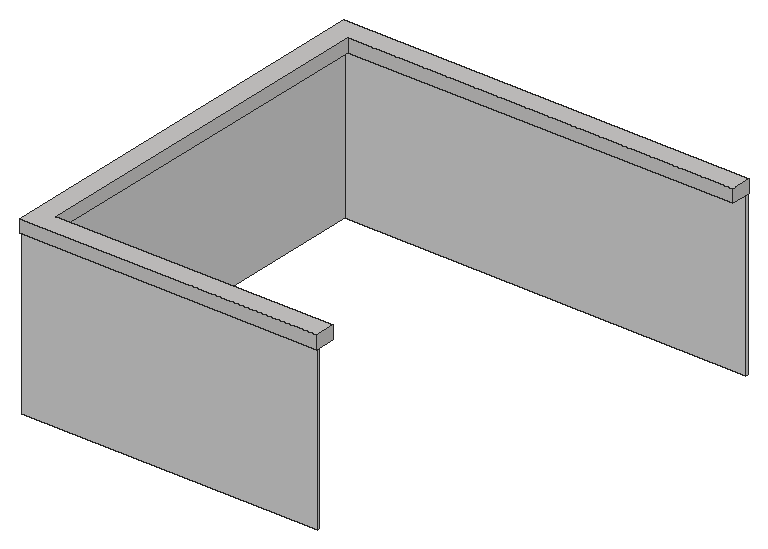
Revit family "Door-Systems_Accordion-Fire-Smoke-Curtain_3-sides", category Specialty Equipment, Revit 2026
Family settings
  Round Connector Dimension = Use Diameter
  Part Type = Normal
  Classification Number = 23.30.60.17
  Work Plane-Based = No
  Enable Cutting in Views = No
  Always vertical = Yes
  Cut with Voids When Loaded = No
  Maintain Annotation Orientation = No
  Shared = No
  Room Calculation Point = No
Parameters
  URL = "www.doorsysinc.com"
  Manufacturer Info [instance] = "https://www.arcat.com/arcatcos/cos50/arc50183.html"  # constant formula
  Manufacturer = "DSI Smoke and FIre Curtains"
  Description = "UL10D Fire Curtain"
  Default Elevation = 0' - 0"
  Curtain_Width [instance] = 30' - 0"
  Curtain_Length_Top_Leg [instance] = 30' - 0"
  Curtain_Length_Bottom_Leg [instance] = 22' - 0"
  Curtain_Height [instance] = 12' - 0"
Reference planes (in)
  plane 1 "Center (Front/Back)": y = 0
  plane 2: z = 0
  plane 3 "Center (Left/Right)": x = 0
  plane 4: z = 144
  plane 5: y = 360
  plane 6: x = 360
  plane 7: x = 264
Dimensions and locks (in)
  "Curtain_Height": plane 4 to level
  "Curtain_Length_Top_Leg": plane 3 "Center (Left/Right)" to plane 6
  "Curtain_Width": plane 1 "Center (Front/Back)" to plane 5
  nested 1 to plane 4 = 0' - 11 3/4"
  "Curtain_Length_Bottom_Leg": plane 3 "Center (Left/Right)" to plane 7
  aligned and locked: level to plane 2
  aligned and locked: nested 1 to plane 4
  aligned and locked: plane 5 to nested 1
  aligned and locked: nested 2 to plane 7
  aligned and locked: nested 2 to plane 6
  aligned and locked: nested 1 to plane 6
  aligned and locked: plane 7 to nested 1
Nested families (in)
  nested 1: "Head_System_3-sides" at (0, 0, 144), type "Head_System_3-sides"
    with Head_Width 30' - 0", Head_Length_Top_Leg 30' - 0", Head_Length_Bottom_Leg 22' - 0"
  nested 2: "Curtain_System_3-sides" at (0, 0, 0), Curtain_Height <- "Curtain_Height", Curtain_Length_Top_Leg <- "Curtain_Length_Top_Leg", Curtain_Width <- "Curtain_Width", type "Curtain_System_3-sides"
    with Curtain_Width 30' - 0", Curtain_Length_Top_Leg 30' - 0", Curtain_Length_Bottom_Leg 22' - 0", Curtain_Height 12' - 0"
Definition of nested family "Head_System_3-sides"
  Parameters (values of type "Head_System_3-sides")
    Head_Width [instance] = 20' - 0"
    Head_Track_Width = 1' - 5 3/4"
    Head_Length_Top_Leg [instance] = 20' - 0"
    Head_Length_Bottom_Leg [instance] = 22' - 0"
    Default Elevation = 0' - 0"
  Reference planes (in)
    plane 1 "Center (Front/Back)": y = 0
    plane 2: z = 0
    plane 3 "Center (Left/Right)": x = 0
    plane 4: x = 240
    plane 5: y = 240
    plane 6: x = 17.75
    plane 7: y = 222.25
    plane 8: x = 222.25
    plane 9: y = 17.75
    plane 10: z = 11.75
    plane 11: x = 264
  Forms (in)
    Extrusion 1, solid
      sketch origin (0, 0, 0) x (1, 0, 0) y (0, 1, 0)
        loop
          line (0, 240) -> (0, 0) -> (264, 0) -> (264, 17.75) -> (17.75, 17.75) -> (17.75, 222.25) -> (240, 222.25) -> (240, 240) -> (0, 240)
      from 0 to 11.75
  Dimensions and locks (in)
    "Head_Length_Top_Leg": plane 3 "Center (Left/Right)" to plane 4
    "Head_Width": plane 1 "Center (Front/Back)" to plane 5
    "Head_Track_Width": plane 3 "Center (Left/Right)" to plane 6
    "Head_Track_Width": plane 8 to plane 4
    "Head_Track_Width": plane 7 to plane 5
    "Head_Track_Width": plane 1 "Center (Front/Back)" to plane 9
    "Head_Length_Bottom_Leg": plane 3 "Center (Left/Right)" to plane 11
    aligned and locked: plane 2 to level
    aligned and locked: plane 5 to Extrusion 1 sketch curve
    aligned and locked: plane 3 "Center (Left/Right)" to Extrusion 1 sketch curve
    aligned and locked: Extrusion 1 sketch curve to plane 1 "Center (Front/Back)"
    aligned and locked: Extrusion 1 sketch curve to plane 4
    aligned and locked: plane 7 to Extrusion 1 sketch curve
    aligned and locked: plane 6 to Extrusion 1 sketch curve
    aligned and locked: Extrusion 1 sketch curve to plane 9
    aligned and locked: Extrusion 1 to plane 10
    aligned and locked: plane 11 to Extrusion 1
    aligned and locked: plane 4 to Extrusion 1
  Automatic sketch dimensions
    plane 4 to Extrusion 1 sketch curve = 2' - 0"
Definition of nested family "Curtain_System_3-sides"
  Parameters (values of type "Curtain_System_3-sides")
    Default Elevation = 0' - 0"
    Curtain_Width [instance] = 24' - 0"
    Curtain_Track_Width = 0' - 11"
    Curtain_Length_Bottom_Leg [instance] = 22' - 0"
    Curtain_Length_Top_Leg [instance] = 20' - 0"
    Curtain_Height [instance] = 12' - 0"
  Reference planes (in)
    plane 1 "Center (Front/Back)": y = 0
    plane 2: z = 0
    plane 3 "Center (Left/Right)": x = 0
    plane 4: x = 240
    plane 5: z = 144
    plane 6: y = 287.25
    plane 7: x = 0.75
    plane 8: y = 0.75
    plane 9: x = 2.4375
    plane 10: y = 2.4375
    plane 11: x = 264
    plane 12: y = 288
  Forms (in)
    Extrusion 1, solid
      sketch origin (0, 0, 0) x (1, 0, 0) y (0, 1, 0)
        loop
          line (0.75, 287.25) -> (0.75, 0.75) -> (264, 0.75) -> (264, 2.4375) -> (2.4375, 2.4375) -> (2.4375, 285.5625) -> (240, 285.5625) -> (240, 287.25) -> (0.75, 287.25)
      from 0 to 144
  Dimensions and locks (in)
    "Curtain_Length_Top_Leg": plane 3 "Center (Left/Right)" to plane 4
    "Curtain_Height": plane 5 to level
    locked: Extrusion 1 sketch curve to Extrusion 1 sketch curve at 1.6875  (x3)
    "Curtain_Length_Bottom_Leg": plane 3 "Center (Left/Right)" to plane 11
    "Curtain_Width": plane 1 "Center (Front/Back)" to plane 12
    locked: plane 6 to plane 12 at 0.75
    locked: plane 12 to Extrusion 1 at 0.75
    aligned and locked: plane 2 to level
    aligned and locked: Extrusion 1 to plane 5
    aligned and locked: Extrusion 1 sketch curve to plane 4
    aligned and locked: Extrusion 1 to plane 11
  Automatic sketch dimensions
    Extrusion 1 sketch curve to plane 1 "Center (Front/Back)" = 0' - 2 7/16"
    plane 4 to Extrusion 1 sketch curve = 2' - 0"
    Extrusion 1 sketch curve to plane 7 = 0' - 0"
    plane 6 to Extrusion 1 sketch curve = 0' - 0"
